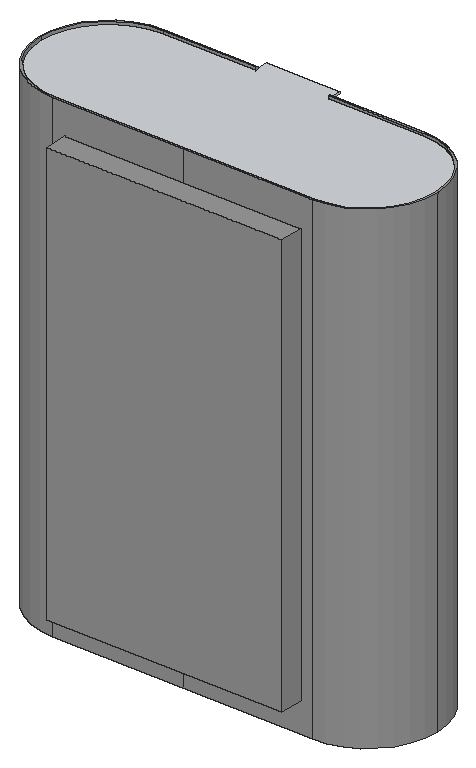
Revit family "3305 Björk_Sanitary bin", category Furniture Systems, host Wall, Revit 2018
Family settings
  Host = Wall
  Round Connector Dimension = Use Diameter
  Part Type = Normal
  Always vertical = Yes
  Cut with Voids When Loaded = No
  Shared = No
  Room Calculation Point = No
Parameters (values of type "BLACK")
  URL = "http://www.dandryer.com/"
  Surface Top = BLACK
  Surface Frame = BLACK
  Surface Bottom = BLACK
  Open = no
  Offset from floor = 150 mm
  Manufacturer = "Dan Dryer A/S"
  Description = "Sanitary bin"
  Closed = yes
Reference planes
  plane 1 "Wall": y = 0
  plane 2 "Center (Left/Right)": x = 125
  plane 3 "Back": y = 75
Text (mm)
  text "Placement Side" at (-1848.837, 1116.779, 0), in view "Ref. Level"
  text "Placement side" at (0, 1409.804, 2854.306), in view "Left"
  text "Placement side" at (0, 499.811, 2980.732), in view "Right"
Dimensions and locks
  locked: plane 3 "Back" to host wall
  "Offset from floor": nested 1 to level
  aligned and locked: plane 1 "Wall" to host wall
  aligned and locked: plane 3 "Back" to nested 1
Nested families
  nested 1: "Master Björk Sanitary bin" at (125, 151.5, 150) x (-1, 0, 0) z (0, 0, 1), type "Master Björk Sanitary bin"
    with Open no
Definition of nested family "Master Björk Sanitary bin"
  Parameters (values of type "Master Björk Sanitary bin")
    Surface Top = none
    Surface Frame = none
    Surface Bottom = none
    Open = yes
    Closed = yes
  Reference planes
    plane 1 "Center (Front/Back)": y = 0
    plane 2: z = 0
    plane 3 "Center (Left/Right)": x = 0
  Dimensions and locks
    aligned and locked: level to plane 2
  Nested families
    nested 1: "Top - Bottom" at (0, 0, 0), visible <- "Closed", type "Top - Bottom"
    nested 2: "Frame" at (0, 0, 0), type "Frame"
    nested 3: "Top - Bottom Open" at (0, 0, 0), visible <- "Open", type "Top - Bottom Open"
  Definition of nested family "Top - Bottom"
    Parameters (values of type "Top - Bottom")
      Surface Frame = none
      Surface Bottom = none
    Reference planes
      plane 1 "Center (Front/Back)": y = 0
      plane 2: z = 0
      plane 3 "Center (Left/Right)": x = 0
    Forms (mm)
      Extrusion 1, solid, material <- "Surface Bottom"
        sketch origin (0, 129.723, 20) x (0, -1, 0) y (1, 0, 0)
          loop
            arc (73.723, -107.5) -> (90.125, -147.098) -> (129.723, -163.5) r 56
            arc (129.723, -163.5) -> (169.321, -147.098) -> (185.723, -107.5) r 56
            line (185.723, -107.5) -> (185.723, 107.5)
            arc (185.723, 107.5) -> (169.321, 147.098) -> (129.723, 163.5) r 56
            arc (129.723, 163.5) -> (90.125, 147.098) -> (73.723, 107.5) r 56
            line (73.723, 107.5) -> (73.723, -107.5)
        from 0 to 1.5
      Extrusion 2, solid
        sketch origin (0, 129.723, 396.5) x (0, -1, 0) y (1, 0, 0)
          loop
            arc (73.723, -107.5) -> (90.125, -147.098) -> (129.723, -163.5) r 56
            arc (129.723, -163.5) -> (169.321, -147.098) -> (185.723, -107.5) r 56
            line (185.723, -107.5) -> (185.723, -30) -> (197.223, -30) -> (197.223, 0) -> (197.223, 30) -> (185.723, 30) -> (185.723, 107.5)
            arc (185.723, 107.5) -> (169.321, 147.098) -> (129.723, 163.5) r 56
            arc (129.723, 163.5) -> (90.125, 147.098) -> (73.723, 107.5) r 56
            line (73.723, 107.5) -> (73.723, -107.5)
        from 0 to 1.5
    Lines and regions (mm)
      reference lines
        curve 1: line (0, 129.723, 396.5) -> (0, -190.277, 396.5)
        curve 2: line (0, 129.723, 20) -> (0, -150.277, 20)
    Dimensions and locks
      aligned and locked: level to plane 2
  Definition of nested family "Frame"
    Parameters (values of type "Frame")
      Surface Top = none
      Surface Frame = none
      Surface Bottom = none
    Reference planes
      plane 1 "Center (Front/Back)": y = 0
      plane 2: z = 0
      plane 3 "Center (Left/Right)": x = 0
    Forms (mm)
      Extrusion 1, solid, material <- "Surface Frame"
        sketch origin (0, 0, 0) x (1, 0, 0) y (0, 1, 0)
          loop
            line (0, 57.5) -> (-107.5, 57.5)
            arc (-107.5, 57.5) -> (-148.159, 40.659) -> (-165, 0) r 57.5
            arc (-165, 0) -> (-148.159, -40.659) -> (-107.5, -57.5) r 57.5
            line (-107.5, -57.5) -> (0, -57.5) -> (107.5, -57.5)
            arc (107.5, -57.5) -> (148.159, -40.659) -> (165, 0) r 57.5
            arc (165, 0) -> (148.159, 40.659) -> (107.5, 57.5) r 57.5
            line (107.5, 57.5) -> (0, 57.5)
          loop
            arc (-107.5, 56) -> (-147.098, 39.598) -> (-163.5, 0) r 56
            arc (-163.5, 0) -> (-147.098, -39.598) -> (-107.5, -56) r 56
            line (-107.5, -56) -> (107.5, -56)
            arc (107.5, -56) -> (147.098, -39.598) -> (163.5, 0) r 56
            arc (163.5, 0) -> (147.098, 39.598) -> (107.5, 56) r 56
            line (107.5, 56) -> (-107.5, 56)
        from 0 to 400
      Extrusion 2, solid, material <- "Surface Frame"
        sketch origin (0, 57.5, 0) x (-1, 0, 0) y (0, 0, 1)
          loop
            line (-97.5, 375) -> (-97.5, 25) -> (97.5, 25) -> (97.5, 375) -> (-97.5, 375)
        from 0 to 19
      Extrusion 3, void
        sketch origin (0, 0, 0) x (1, 0, 0) y (0, 1, 0)
          loop
            line (-30, -53.768) -> (-30, -68.768) -> (30, -68.768) -> (30, -53.768) -> (-30, -53.768)
        from 396.5 to 403.782
    Cuts and joins
      Extrusion 3 cuts Extrusion 1
    Dimensions and locks
      cut or joined group of Extrusion 1, Extrusion 3 to cut or joined group of Extrusion 1, Extrusion 3 = 3.5 mm
      aligned and locked: level to plane 2
  Definition of nested family "Top - Bottom Open"
    Parameters (values of type "Top - Bottom Open")
      Surface Frame = none
      Surface Bottom = none
    Reference planes
      plane 1 "Center (Front/Back)": y = 0
      plane 2: z = 0
      plane 3 "Center (Left/Right)": x = 0
    Forms (mm)
      Extrusion 1, solid, material <- "Surface Bottom"
        sketch origin (0, 129.723, 20) x (0, -1, 0) y (1, 0, 0)
          loop
            arc (73.723, -107.5) -> (90.125, -147.098) -> (129.723, -163.5) r 56
            arc (129.723, -163.5) -> (169.321, -147.098) -> (185.723, -107.5) r 56
            line (185.723, -107.5) -> (185.723, 107.5)
            arc (185.723, 107.5) -> (169.321, 147.098) -> (129.723, 163.5) r 56
            arc (129.723, 163.5) -> (90.125, 147.098) -> (73.723, 107.5) r 56
            line (73.723, 107.5) -> (73.723, -107.5)
        from 0 to 1.5
      Extrusion 2, solid
        sketch origin (0, 54.5, 324.277) x (0, 0, 1) y (1, 0, 0)
          loop
            arc (73.723, -107.5) -> (90.125, -147.098) -> (129.723, -163.5) r 56
            arc (129.723, -163.5) -> (169.321, -147.098) -> (185.723, -107.5) r 56
            line (185.723, -107.5) -> (185.723, -30) -> (197.223, -30) -> (197.223, 0) -> (197.223, 30) -> (185.723, 30) -> (185.723, 107.5)
            arc (185.723, 107.5) -> (169.321, 147.098) -> (129.723, 163.5) r 56
            arc (129.723, 163.5) -> (90.125, 147.098) -> (73.723, 107.5) r 56
            line (73.723, 107.5) -> (73.723, -107.5)
        from 0 to 1.5
    Lines and regions (mm)
      reference lines
        curve 1: line (0, 129.723, 396.5) -> (0, -190.277, 396.5)
        curve 2: line (0, 129.723, 20) -> (0, -150.277, 20)
    Dimensions and locks
      aligned and locked: level to plane 2
